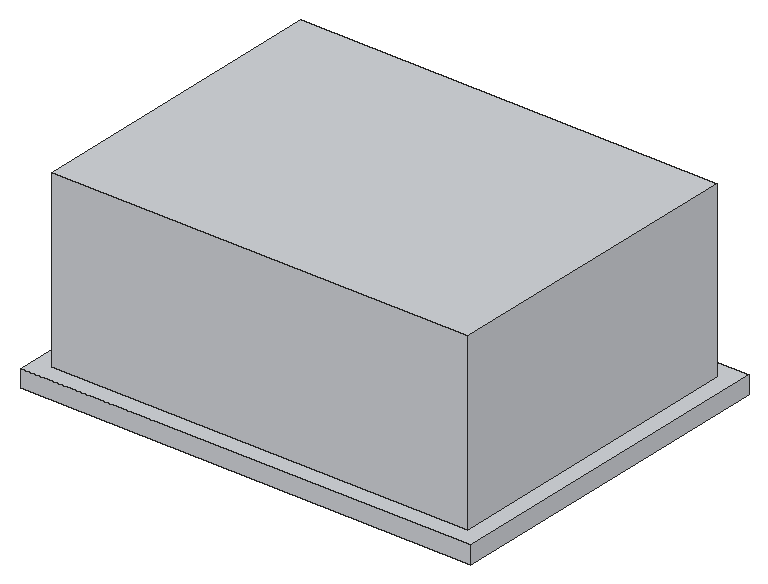
Revit family "Pile Cap for API", category Structural Foundations, Revit 2018
Family settings
  Material for Model Behavior = Other
  Cap = No
  OmniClass Number = 23.25.05.00
  OmniClass Title = Foundations
  Work Plane-Based = No
  Always vertical = Yes
  Cut with Voids When Loaded = No
  Shared = Yes
Parameters (values of type "Pile Cap for API")
  Width = 1800 mm
  Structural Material = none
  Number of pile segments [instance] = 5
  Length = 2400 mm
  L7 [instance] = 4000 mm
  L6 [instance] = 4000 mm
  L5 [instance] = 4000 mm
  L4 [instance] = 4000 mm
  L3 [instance] = 4000 mm
  L2 [instance] = 4000 mm
  L1 [instance] = 4000 mm
  Foundation Thickness = 1000 mm
  D = 250 mm
Reference planes
  plane 1 "Center (Front/Back)": y = 0
  plane 2: z = 0
  plane 3 "Center (Left/Right)": x = 0
  plane 4: x = -1200
  plane 5: x = 1200
  plane 6: y = 900
  plane 7: y = -900
  plane 8: z = -1000
  plane 9: z = -1100
  plane 10: y = 360
  plane 11: y = -360
  plane 12: z = -500
  plane 13: y = 1000
  plane 14: x = -1300
  plane 15: x = 1300
  plane 16: y = -1000
Forms (mm)
  Extrusion 1, solid, material <- "Structural Material"
    sketch origin (0, 0, 0) x (1, 0, 0) y (0, 1, 0)
      loop
        line (-1200, 900) -> (-1200, -900) -> (1200, -900) -> (1200, 900) -> (-1200, 900)
    from 0 to -1000
  Extrusion 2, solid, material <- "Structural Material"
    sketch origin (0, 0, 0) x (1, 0, 0) y (0, 1, 0)
      loop
        line (-1300, 1000) -> (-1300, -1000) -> (1300, -1000) -> (1300, 1000) -> (-1300, 1000)
    from -1000 to -1100
Cuts and joins
  joined: Extrusion 1, Extrusion 2
Dimensions and locks
  equal spacing: plane 6, plane 1 "Center (Front/Back)", plane 7
  "Width": plane 6 to plane 7
  equal spacing: plane 4, plane 3 "Center (Left/Right)", plane 5
  "Length": plane 4 to plane 5
  locked: plane 8 to plane 9 at 100
  "Foundation Thickness": plane 2 to plane 8
  equal spacing: plane 10, plane 1 "Center (Front/Back)", plane 11
  plane 10 to plane 11 = 720 mm
  plane 12 to plane 8 = 500 mm
  locked: plane 5 to plane 15 at 100
  locked: plane 14 to plane 4 at 100
  locked: plane 13 to plane 6 at 100
  locked: plane 7 to plane 16 at 100
  aligned and locked: plane 2 to level
  aligned and locked: Extrusion 1 sketch curve to plane 6
  aligned and locked: plane 4 to Extrusion 1 sketch curve
  aligned and locked: plane 7 to Extrusion 1 sketch curve
  aligned and locked: Extrusion 1 sketch curve to plane 5
  aligned and locked: Extrusion 1 to plane 2
  aligned and locked: Extrusion 1 to plane 8
  aligned and locked: Extrusion 2 sketch curve to plane 13
  aligned and locked: plane 14 to Extrusion 2 sketch curve
  aligned and locked: plane 16 to Extrusion 2 sketch curve
  aligned and locked: Extrusion 2 sketch curve to plane 15
  aligned and locked: Extrusion 2 to plane 8
  aligned and locked: Extrusion 2 to plane 9
